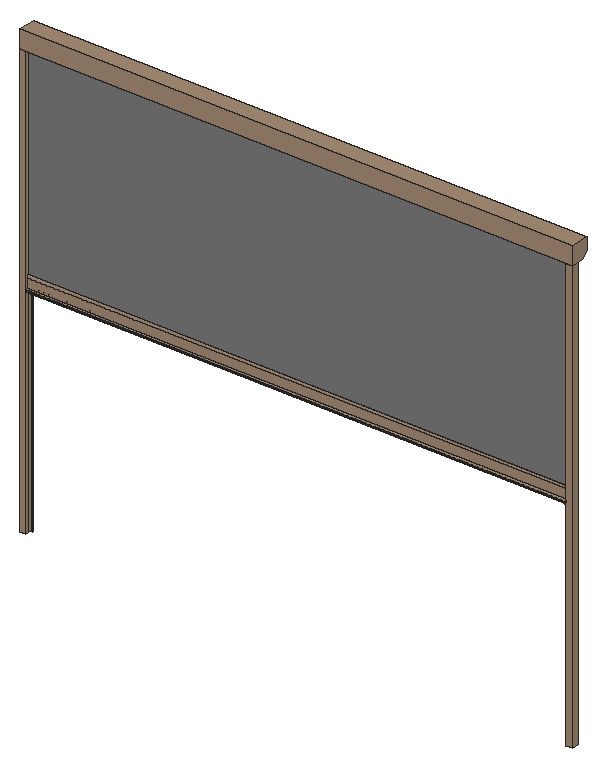
Revit family "Screen_LargeOpening_ExecutiveSeries_PhantomScreens", category Doors, host Wall, Revit 2015
Parameters (values of type "Type as Specified")
  URL = "http://www.phantomscreens.com/"
  Type Comments = ""
  Track Width = 0' - 1 3/8"
  Track Depth = 0' - 1 17/32"
  Track = Light Cherry
  Specification = "http://www.phantomscreens.com/architects-designers/specifications-binder/"
  Slide Bar Width = 0' - 1 1/32"
  Slide Bar Height = 0' - 3 11/16"
  Slide Bar = Light Cherry
  Sizing Notes [instance] = if(or((Width > 25' 0"), (Height > 16' 0")), "Exceeds Maximum Size", "Standard Size")  # "Standard Size"
  Screen Width = 0' - 0 1/8"
  Screen = Opaque - Black
  Sales Information = "http://www.phantomscreens.com/support/"
  Roller Size [instance] = if(or((Width > 20' 0"), (Height > 11' 0")), 0' 5", (if(or((Width > 10' 0"), (Height > 8' 0")), 0' 4", 0' 2 1/2")))  # 0' - 2 1/2"
  Revision = "R1_08-2016"
  Product Properties = "http://www.phantomscreens.com/drive/uploads/2015/05/technical_specs_exec.pdf"
  Product Data = "http://www.arcat.com/arcatcos/cos9540/arc40535.html"
  Percent Open [instance] = 50
  Model = "Executive Series"
  Manufacturer Website = "http://www.phantomscreens.com/"
  Manufacturer Phone - Toll Free = ""
  Manufacturer Phone = "604-855-3654"
  Manufacturer Fax = "604-855-7834"
  Manufacturer Address = "30451 Simpson Rd.; Abbotsford; BC; Canada V2T 6C7"
  Manufacturer = "Phantom Screens"
  Keynote = "08 11 00"
  Installation-Fabrication = "http://www.phantomscreens.com/architects-designers/options/"
  Housing Size [instance] = if(or((Width > 20' 0"), (Height > 11' 0")), 0' 7 1/8", (if(or((Width > 10' 0"), (Height > 8' 0")), 0' 5 1/2", 0' 4")))  # 0' - 4"
  Housing = Light Cherry
  Function = Exterior
  Frame Projection Ext. = 0' - 1"
  Frame Projection Int. = 0' - 1"
  Frame Width = 0' - 3"
  Height [instance] = 8' - 0"
  Wall Closure = By host
  Width [instance] = 10' - 0"
  Drawn By = "Sumex Design - Robert S Weygant"
  Description = "Phantom Screens Executive Series Screen"
  Copyright = "� 2016 ARCAT Inc."
  Construction Details = "http://www.arcat.com/details/phantoms/95prod3444.html"
  Assembly Code = "B2020400"
  Amount Open [instance] = Height * (Percent Open / 100)  # 4' - 0"
Reference planes (in)
  plane 1 "Center (Front/Back)": y = 0
  plane 2 "Center (Left/Right)": x = 0
  plane 3 "Left": x = -60
  plane 4 "Right": x = 60
  plane 5 "Top": z = 96
  plane 6 "Exterior": y = 3
  plane 7 "Interior": y = -5
  plane 8: x = -61.375
  plane 9: y = 7
  plane 10: y = 4.53125
  plane 11: x = 61.375
  plane 12: z = 100
  plane 13: z = 51.6875
  plane 14: z = 48
  plane 15: y = 4.03125
  plane 16: y = 3.3635
  plane 17: y = 3.4885
Forms (in)
  Extrusion 1, solid, material "Light Cherry" <- "Track"
    sketch origin (0, 0, 0) x (1, 0, 0) y (0, 1, 0)
      loop
        line (-61.375, 4.53125) -> (-61.375, 3) -> (-60, 3) -> (-60, 3.3635) -> (-60.25, 3.3635) -> (-60.25, 3.4885) -> (-60, 3.4885) -> (-60, 4.40625) -> (-59.625, 4.40625) -> (-59.625, 4.53125) -> (-61.375, 4.53125)
      loop
        line (61.375, 4.53125) -> (59.625, 4.53125) -> (59.625, 4.40625) -> (60, 4.40625) -> (60, 3.4885) -> (60.25, 3.4885) -> (60.25, 3.3635) -> (60, 3.3635) -> (60, 3) -> (61.375, 3) -> (61.375, 4.53125)
    from 0 to 96
  Extrusion 2, solid, material "Light Cherry" <- "Housing"
    sketch origin (0, 0, 0) x (0, 1, 0) y (0, 0, 1)
      loop
        line (3, 100) -> (3, 96) -> (5.74264, 96) -> (7, 97.25736) -> (7, 100) -> (3, 100)
    from -61.375 to 61.375
  Extrusion 3, solid, material "Light Cherry" <- "Slide Bar"
    sketch origin (0, 0, 0) x (0, 1, 0) y (0, 0, 1)
      loop
        line (3.66775, 51.6875) -> (3.3635, 51.6875)
        arc (3.3635, 51.6875) -> (3.21471, 51.36839) -> (3.12357, 51.0283) r 2.0209
        line (3.12357, 51.0283) -> (3.12357, 49.02742) -> (3.27835, 49.02742) -> (3.27835, 48.97132)
        arc (3.27835, 48.97132) -> (3.09392, 48.81664) -> (3, 48.59501) r 0.51471
        line (3, 48.59501) -> (3, 48.4261)
        arc (3, 48.4261) -> (3.15071, 48.1398) -> (3.44249, 48) r 0.51471
        line (3.44249, 48) -> (3.5891, 48)
        arc (3.5891, 48) -> (3.90687, 48.17522) -> (4.03157, 48.516) r 0.51775
        arc (4.03157, 48.516) -> (3.95674, 48.7804) -> (3.75714, 48.96926) r 0.51775
        line (3.75714, 48.96926) -> (3.75714, 49.02742) -> (3.90768, 49.02742) -> (3.90768, 51.0283)
        arc (3.90768, 51.0283) -> (3.81654, 51.36839) -> (3.66775, 51.6875) r 2.0209
    from -60 to 60
  Extrusion 4, solid, material "Opaque - Black" <- "Screen"
    sketch origin (0, 0, 0) x (0, 1, 0) y (0, 0, 1)
      loop
        line (3.4885, 96) -> (3.3635, 96) -> (3.3635, 51.6875) -> (3.4885, 51.6875) -> (3.4885, 96)
    from -60 to 60
Lines and regions (in)
  Opening 1
    outline origin (-90, -5, 0) x (1, 0, 0) y (0, 0, 1)
      loop
        line (30, 0) -> (150, 0) -> (150, 96) -> (30, 96) -> (30, 0)
  symbolic lines, style "Elevation Swing"
    curve 1: line (60, 0, 96) -> (0, 0, 0)
    curve 2: line (0, 0, 0) -> (-59.625, 0, 96)
Text (in)
  text "Exterior" at (-74.96733, 27.31104, 0), in view "Ref. Level"
  text "Interior" at (-74.96733, -25.14366, 0), in view "Ref. Level"
  text "Exterior" at (0, 40.15149, 123.01588), in view "Right"
  text "Interior" at (0, -64.39139, 123.01588), in view "Right"
  text "Interior" at (0, -31.01599, 123.00693), in view "Left"
  text "Exterior" at (0, 54.57065, 123.00693), in view "Left"
Dimensions and locks (in)
  equal spacing: plane 3 "Left", plane 2 "Center (Left/Right)", plane 4 "Right"
  "Height": level to plane 5 "Top"
  "Width": plane 3 "Left" to plane 4 "Right"
  "Track Width": plane 8 to plane 3 "Left"
  "Track Depth": plane 6 "Exterior" to plane 10
  "Track Width": plane 4 "Right" to plane 11
  "Housing Size": plane 5 "Top" to plane 12
  "Housing Size": plane 9 to plane 6 "Exterior"
  "Slide Bar Height": plane 14 to plane 13
  "Slide Bar Width": plane 15 to plane 6 "Exterior"
  "Screen Width": plane 17 to plane 16
  "Amount Open": plane 14 to level
  locked: plane 16 to plane 6 "Exterior" at 0.3635
  locked: plane 10 to Extrusion 1 sketch curve at 0.125  (x2)
  locked: plane 3 "Left" to Extrusion 1 sketch curve at 0.375
  locked: plane 4 "Right" to Extrusion 1 sketch curve at 0.25
  locked: Extrusion 1 sketch curve to plane 4 "Right" at 0.375
  aligned and locked: plane 3 "Left" to Opening 1 sketch curve
  aligned and locked: plane 5 "Top" to Opening 1 sketch curve  (x2)
  aligned and locked: Opening 1 sketch curve to plane 4 "Right"
  aligned and locked: Opening 1 sketch curve to level
  aligned and locked: plane 6 "Exterior" to host wall
  aligned and locked: plane 7 "Interior" to host wall
  aligned and locked: Extrusion 1 sketch curve to plane 10  (x2)
  aligned and locked: plane 8 to Extrusion 1 sketch curve
  aligned and locked: host wall to Extrusion 1 sketch curve
  aligned and locked: Extrusion 1 to plane 5 "Top"
  aligned and locked: Extrusion 2 sketch curve to plane 12
  aligned and locked: Extrusion 2 sketch curve to plane 6 "Exterior"
  aligned and locked: Extrusion 2 sketch curve to plane 5 "Top"
  aligned and locked: Extrusion 2 sketch curve to plane 9
  aligned and locked: Extrusion 2 to plane 11
  aligned and locked: Extrusion 2 to plane 8
  aligned and locked: plane 13 to Extrusion 3 sketch curve
  aligned and locked: plane 14 to Extrusion 3 sketch curve
  aligned and locked: plane 6 "Exterior" to Extrusion 3 sketch curve
  aligned and locked: Extrusion 3 to plane 4 "Right"
  aligned and locked: Extrusion 4 sketch curve to plane 5 "Top"
  aligned and locked: plane 17 to Extrusion 4 sketch curve
  aligned and locked: Extrusion 4 sketch curve to Extrusion 3  (x2)
  aligned and locked: Extrusion 4 to plane 4 "Right"
  aligned and locked: plane 3 "Left" to Extrusion 4
  aligned and locked: plane 3 "Left" to Extrusion 1 sketch curve  (x2)
  aligned and locked: plane 4 "Right" to Extrusion 1 sketch curve
  aligned and locked: Extrusion 1 sketch curve to plane 11
  aligned and locked: plane 6 "Exterior" to Extrusion 1 sketch curve
  aligned and locked: Extrusion 1 sketch curve to plane 17
  aligned and locked: plane 16 to Extrusion 1 sketch curve
  aligned and locked: plane 3 "Left" to Extrusion 3
Automatic sketch dimensions
  Extrusion 2 sketch curve to plane 5 "Top" = 0' - 1.25736"
  Extrusion 2 sketch curve to plane 9 = 0' - 1.25736"
  plane 5 "Top" to Extrusion 2 sketch curve = 0' - 0"
  Extrusion 3 sketch curve to Extrusion 3 sketch curve = 0' - 0"  (x4)
  Extrusion 3 sketch curve to host wall = 0' - 1.08248"
  host wall to Extrusion 3 sketch curve = 0' - 0.12357"
  Extrusion 3 sketch curve to Extrusion 3 sketch curve = 0' - 0.15478"
  host wall to Extrusion 3 sketch curve = 0' - 0.44249"
  Extrusion 3 sketch curve to Extrusion 3 sketch curve = 0' - 0.00611"
  Extrusion 3 sketch curve to Extrusion 3 sketch curve = 0' - 0.14661"
  plane 15 to Extrusion 3 sketch curve = 0' - 0.27411"
  plane 15 to Extrusion 3 sketch curve = 0' - 0.12357"
  plane 10 to Extrusion 3 sketch curve = 0' - 0.58248"
  Extrusion 3 sketch curve to plane 14 = 0' - 0.4261"
  Extrusion 3 sketch curve to Extrusion 3 sketch curve = 0' - 0.00169"
  Extrusion 3 sketch curve to Extrusion 3 sketch curve = 0' - 0.00206"
  Extrusion 3 sketch curve to Extrusion 3 sketch curve = 0' - 0.0561"
  Extrusion 3 sketch curve to Extrusion 3 sketch curve = 0' - 0.05816"
  Extrusion 3 sketch curve to plane 13 = 0' - 1.0103"  (x2)
  Extrusion 3 sketch curve to Extrusion 3 sketch curve = 0' - 0.23993"  (x2)
  Extrusion 3 sketch curve to plane 15 = 0' - 0.00032"
  Extrusion 3 sketch curve to Extrusion 3 sketch curve = 0' - 0.06525"
  Extrusion 1 sketch curve to plane 16 = 0' - 0"
  Extrusion 1 sketch curve to plane 17 = 0' - 0"
  Extrusion 1 sketch curve to plane 4 "Right" = 0' - 0"
  Extrusion 1 sketch curve to host wall = 0' - 0"
  Extrusion 1 sketch curve to Extrusion 1 sketch curve = 0' - 0 1/4"
  curve 2 to plane 5 "Top" = 0' - 0"
  curve 2 to plane 2 "Center (Left/Right)" = 0' - 0"
  curve 1 to level = 0' - 0"
  plane 4 "Right" to curve 1 = 0' - 0"
  curve 2 to plane 3 "Left" = 0' - 0 3/8"
  curve 1 to plane 5 "Top" = 0' - 0"
